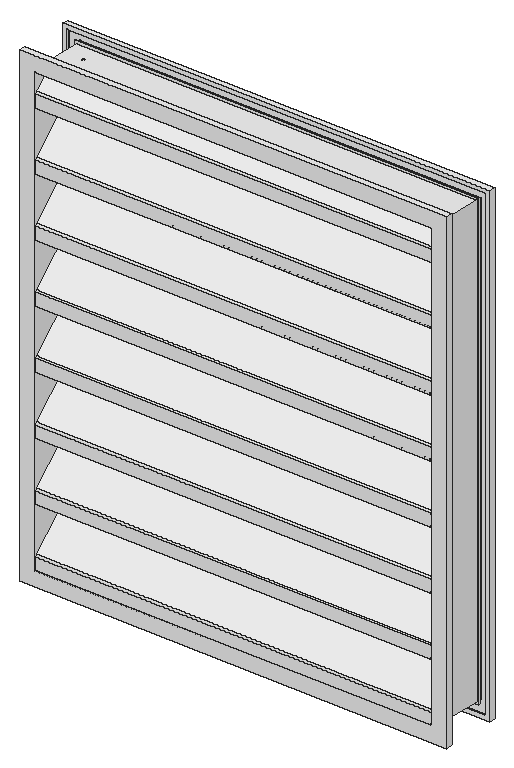
Revit family
Parameters (values of type "OHL-C-102")
  URL = "http://www.productspec.net/products/18505/holyoake-industries-ltd/large-blade-outside-horizontal-louvers-ohl-102.aspx"
  Type Comments = "102mm Horizontal Curved Profile Louvers in Channel Surround"
  Technical Data = "http://www.collate.co.nz/nas/TechnicalFiles/2367/p18505/F1-F2%20OHL102%20124.pdf"
  Ownership = "Holyoake Industries Limited"
  Overall Opening = Exact Neck Height - 50.80 mm  # 769.20 mm
  Overall Depth = 38.30 mm
  Nominal Width = 741.00 mm
  Nominal Height = 826.00 mm
  Model = "OHL-C-102"
  Manufacturer = "Holyoake Industries Limited"
  Keynote = ""
  Channel Width = 25.40 mm
  Channel Thickness = 103.20 mm
  Exact Neck Width = Nominal Width - 6.00 mm  # 735.00 mm
  Exact Neck Height = Nominal Height - 6.00 mm  # 820.00 mm
  Description = "Holyoake Outside Horizontal Louvre"
  Created By = "Productspec Limited"
  Frame & Blades = Aluminium
  Top Blade Height = Overall Opening - Blade Cut Setout  # 55.20 mm
  Connector Width = Exact Neck Width - 74.80 mm  # 660.20 mm
  Connector Height = Exact Neck Height - 74.80 mm  # 745.20 mm
  Blade Width = 101.40 mm
  Blade Pitch = 102.00 mm
  Blade Offset = (Channel Thickness - Blade Width) / 2  # 0.90 mm
  Blade Length = Exact Neck Width - 50.80 mm  # 684.20 mm
  Blade Height = 134.90 mm
  Blade Cut Setout = Blade Count * Blade Pitch  # 714.00 mm
  Blade Count = Blade Array Count - 1  # 7
  Blade Array Count = Overall Opening / Blade Pitch  # 7.5412
  Author = "Zinder Zhao"
  Assembly Code = ""
  Accessories = "Aluminium Bird mesh or insect mesh (fibreglass)"
Reference planes
  plane 1 "Centre": y = 0
  plane 2: z = 25.4
  plane 3 "Center (Left/Right)": x = -20.2
  plane 4 "Overall Opening": z = 794.6
  plane 5: y = 103.2
  plane 6: z = 127.4
  plane 7: x = -390.7
  plane 8: x = 347.3
  plane 9: x = 350.3
  plane 10: x = -387.7
  plane 11: z = 820
  plane 12: z = 823
  plane 13: z = 410
  plane 14: z = 160.3
  plane 15 "Cut Blade Setout": z = 739.4
  plane 16 "Blade Offset": y = 0.9
  plane 17: z = 0
  plane 18: y = 102.3
  plane 19: z = -3
  plane 20: z = 782.6
  plane 21: z = 37.4
  plane 22: x = -350.3
  plane 23: x = 309.9
  plane 24: x = -362.3
  plane 25: x = 321.9
Forms (mm)
  Sweep 1, solid, material "Aluminium" <- "Frame & Blades", detail levels fine
    path origin (0, 0, 0) x (1, 0, 0) y (0, 0, 1)
      loop
        line (321.9, 25.4) -> (321.9, 794.6) -> (-362.3, 794.6) -> (-362.3, 25.4) -> (321.9, 25.4)
    profile "Holyoake_OutsideLouvre_OHL-102_Channel_profile : OHL-102 Channel Profile" origin (321.9, 0, 410) x (-1, 0, 0) y (0, -1, 0)
      loop
        line (12, -103.2) -> (12, -101.6) -> (0, -101.6) -> (0, 0) -> (-25.4, 0) -> (-25.4, -10.6) -> (-18.8, -10.6) -> (-18.8, -7.5) -> (-22.2, -7.5) -> (-22.2, -1.9) -> (-3.2, -1.9) -> (-3.2, -7.5) -> (-6.1, -7.5) -> (-6.1, -10.6) -> (-2.3, -10.6) -> (-2.3, -92.9) -> (-6.1, -92.9) -> (-6.1, -95.7) -> (-3.2, -95.7) -> (-3.2, -101.3) -> (-22.2, -101.3) -> (-22.2, -95.7) -> (-18.8, -95.7) -> (-18.8, -92.9) -> (-25.4, -92.9) -> (-25.4, -103.2) -> (12, -103.2)
  Extrusion 2, solid, material "Aluminium" <- "Frame & Blades", detail levels coarse+medium
    sketch origin (0, 0, 0) x (1, 0, 0) y (0, 1, 0)
      loop
        line (-387.7, 103.2) -> (-387.7, 0) -> (347.3, 0) -> (347.3, 103.2) -> (-387.7, 103.2)
    from 0 to 820
Dimensions and locks
  "Overall Opening": plane 4 "Overall Opening" to plane 2
  equal spacing: group 1, group 2, group 3, group 4, group 5, group 6, group 7  (x3)
  "Blade Pitch": plane 6 to plane 2
  "Blade Cut Setout": plane 15 "Cut Blade Setout" to plane 2
  "Blade Height": plane 14 to plane 2
  locked: plane 7 to plane 10 at 3
  locked: plane 12 to plane 11 at 3
  equal spacing: plane 10, plane 3 "Center (Left/Right)", plane 8
  "Exact Neck Width": plane 10 to plane 8
  "Nominal Width": plane 7 to plane 9
  "Blade Length": plane 24 to plane 25
  "Channel Thickness": plane 5 to plane 1 "Centre"
  equal spacing: plane 11, plane 13, plane 17
  "Exact Neck Height": plane 11 to plane 17
  "Nominal Height": plane 12 to plane 19
  "Blade Width": plane 18 to plane 16 "Blade Offset"
  "Channel Width": plane 10 to plane 24
  "Channel Width": plane 11 to plane 4 "Overall Opening"
  "Connector Height": plane 21 to plane 20
  "Connector Width": plane 22 to plane 23
  "Blade Offset": plane 16 "Blade Offset" to plane 1 "Centre"
  locked: plane 24 to plane 22 at 12
  locked: plane 4 "Overall Opening" to plane 20 at 12
  aligned and locked: plane 4 "Overall Opening" to Sweep 1 sketch curve
  aligned and locked: Sweep 1 sketch curve to plane 2
  aligned and locked: Sweep 1 to plane 4 "Overall Opening"
  aligned and locked: nested 1 to plane 2  (x2)
  aligned and locked: nested 2 to plane 6  (x2)
  aligned and locked: plane 14 to nested 1  (x2)
  aligned and locked: plane 18 to nested 1  (x2)
  aligned and locked: plane 18 to nested 2
  aligned and locked: plane 2 to Sweep 1
  aligned and locked: nested 1 to plane 18
  aligned and locked: nested 3 to plane 15 "Cut Blade Setout"  (x2)
  aligned and locked: plane 4 "Overall Opening" to nested 3
  aligned and locked: Sweep 1 to plane 2  (x2)
  aligned and locked: Sweep 1 to plane 20
  aligned and locked: plane 21 to Sweep 1  (x3)
  aligned and locked: plane 10 to Sweep 1
  aligned and locked: plane 8 to Sweep 1
  aligned and locked: plane 5 to Sweep 1
  aligned and locked: plane 25 to Sweep 1
  aligned and locked: plane 24 to Sweep 1
  aligned and locked: plane 11 to Sweep 1
  aligned and locked: plane 17 to Sweep 1
  aligned and locked: nested 1 to plane 16 "Blade Offset"
  aligned and locked: nested 2 to plane 16 "Blade Offset"
  aligned and locked: nested 4 to plane 16 "Blade Offset"
  aligned and locked: plane 16 "Blade Offset" to nested 3
  aligned and locked: plane 18 to nested 4
  aligned and locked: plane 20 to Sweep 1  (x3)
  aligned and locked: nested 3 to plane 24
  aligned and locked: nested 3 to plane 25
  aligned and locked: Sweep 1 sketch curve to plane 24
  aligned and locked: Sweep 1 sketch curve to plane 25
  aligned and locked: Sweep 1 to plane 21
  aligned and locked: plane 22 to Sweep 1
  aligned and locked: plane 23 to Sweep 1
  aligned and locked: Sweep 1 to plane 23
  aligned and locked: Extrusion 2 sketch curve to Sweep 1  (x3)
  aligned and locked: Sweep 1 to Extrusion 2 sketch curve
  aligned and locked: Extrusion 2 to plane 17
  aligned and locked: plane 11 to Extrusion 2
Nested families
  nested 1: "Holyoake_OutsideLouvre_OHL-102_Blade" at (-20.2, 0.9, 25.4), type "Holyoake_OutsideLouvre_OHL-102_Blade"
  nested 2: "Holyoake_OutsideLouvre_OHL-102_Blade" at (-20.2, 0.9, 127.4), type "Holyoake_OutsideLouvre_OHL-102_Blade"
  nested 3: "Holyoake_OutsideLouvre_OHL-102_BladeCutted" at (-20.2, 0.9, 739.4), type "Holyoake_OutsideLouvre_OHL-102_BladeCutted"
    with Blade Cut Setout 55.20 mm
  nested 4: "Holyoake_OutsideLouvre_OHL-102_Blade" at (-20.2, 0.9, 229.4), type "Holyoake_OutsideLouvre_OHL-102_Blade"
  nested 5: "Holyoake_OutsideLouvre_OHL-102_Blade" at (-20.2, 0.9, 331.4), type "Holyoake_OutsideLouvre_OHL-102_Blade"
  nested 6: "Holyoake_OutsideLouvre_OHL-102_Blade" at (-20.2, 0.9, 433.4), type "Holyoake_OutsideLouvre_OHL-102_Blade"
  nested 7: "Holyoake_OutsideLouvre_OHL-102_Blade" at (-20.2, 0.9, 535.4), type "Holyoake_OutsideLouvre_OHL-102_Blade"
  nested 8: "Holyoake_OutsideLouvre_OHL-102_Blade" at (-20.2, 0.9, 637.4), type "Holyoake_OutsideLouvre_OHL-102_Blade"
Connectors
  hvac at (-20.2, 103.2, 410), driven by "Connector Height", driven by "Connector Width"
    settings: on Sweep 1, index 1
Definition of nested family "Holyoake_OutsideLouvre_OHL-102_Blade"
  Parameters (values of type "Holyoake_OutsideLouvre_OHL-102_Blade")
    Width = 101.40 mm
    URL = "http://www.holyoake.co.nz/407.0.html"
    Type Comments = "Outside Louvre Blade"
    Ownership = "Holyoake Industries Ltd"
    Model = "OHL-102 Blade"
    Manufacturer = "Holyoake Industries Ltd"
    Length = 684.20 mm
    Height = 134.90 mm
    Created By = "Productspec Ltd"
    Blade = Aluminium
    Author = "Zinder Zhao"
    Assembly Code = ""
  Reference planes
    plane 1 "Center (Front/Back)": y = 0
    plane 2: z = 0
    plane 3 "Center (Left/Right)": x = 0
    plane 4: x = -342.1
    plane 5: x = 342.1
    plane 6: z = 134.9
    plane 7: y = 101.4
  Forms (mm)
    Sweep 1, solid, material "Aluminium" <- "Blade", detail levels fine
      path origin (0, 0, 0) x (1, 0, 0) y (0, 1, 0)
        loop
          line (-342.1, 0) -> (342.1, 0)
      profile "Holyoake_OutsideLouvre_OHL-102_Blade_profile : OHL-102 Blade Profile" origin (0, 0, 0) x (0, 1, 0) y (0, 0, 1)
        loop
          arc (3.972, 1.479) -> (4.111, 2.267) -> (3.498, 2.781) r 0.8
          line (3.498, 2.781) -> (2.071, 2.116)
          arc (2.071, 2.116) -> (1.586, 2.28) -> (1.3, 2.704) r 0.8
          line (1.3, 2.704) -> (1.3, 20.828)
          arc (1.3, 20.828) -> (1.61, 22.352) -> (2.491, 23.634) r 3.9
          line (2.491, 23.634) -> (70.385, 89.198)
          arc (70.385, 89.198) -> (71.887, 92.732) -> (71.132, 96.497) r 6.5
          line (71.132, 96.497) -> (68.665, 99.998)
          arc (68.665, 99.998) -> (68.163, 102.307) -> (69.469, 104.276) r 3.036
          line (69.469, 104.276) -> (88.354, 117.469) -> (88.354, 119.37)
          arc (88.354, 119.37) -> (88.595, 119.868) -> (89.098, 120.1) r 0.821
          line (89.098, 120.1) -> (94.898, 120.1) -> (94.898, 122.09) -> (100.723, 122.09)
          arc (100.723, 122.09) -> (101.182, 122.329) -> (101.4, 122.798) r 0.8
          line (101.4, 122.798) -> (101.4, 134.9) -> (100.6, 134.9) -> (97.428, 133.421)
          arc (97.428, 133.421) -> (97.289, 132.633) -> (97.902, 132.119) r 0.8
          line (97.902, 132.119) -> (99.329, 132.784)
          arc (99.329, 132.784) -> (99.813, 132.62) -> (100.1, 132.196) r 0.8
          line (100.1, 132.196) -> (100.1, 124.103)
          arc (100.1, 124.103) -> (99.87, 123.62) -> (99.387, 123.39) r 0.8
          line (99.387, 123.39) -> (93.598, 123.39) -> (93.598, 121.4) -> (87.811, 121.4)
          arc (87.811, 121.4) -> (87.321, 121.147) -> (87.101, 120.641) r 0.821
          line (87.101, 120.641) -> (87.101, 118.177) -> (68.933, 105.453)
          arc (68.933, 105.453) -> (66.907, 102.649) -> (67.597, 99.258) r 4.309
          line (67.597, 99.258) -> (70.023, 95.815)
          arc (70.023, 95.815) -> (70.595, 92.874) -> (69.449, 90.106) r 5.2
          line (69.449, 90.106) -> (1.588, 24.573)
          arc (1.588, 24.573) -> (0.413, 22.865) -> (0, 20.833) r 5.2
          line (0, 20.833) -> (0, 0) -> (0.8, 0) -> (3.972, 1.479)
  Dimensions and locks
    equal spacing: plane 4, plane 3 "Center (Left/Right)", plane 5
    "Length": plane 4 to plane 5
    "Height": plane 2 to plane 6
    "Width": plane 7 to plane 1 "Center (Front/Back)"
    aligned and locked: plane 1 "Center (Front/Back)" to Sweep 1 sketch curve
    aligned and locked: level to plane 2
    aligned and locked: plane 4 to Sweep 1
    aligned and locked: plane 5 to Sweep 1
    aligned and locked: Sweep 1 to plane 2
    aligned and locked: Sweep 1 to plane 6
    aligned and locked: plane 1 "Center (Front/Back)" to Sweep 1
  Automatic sketch dimensions
    Sweep 1 sketch curve to plane 4 = 0.00 mm
    Sweep 1 sketch curve to plane 5 = 0.00 mm
Definition of nested family "Holyoake_OutsideLouvre_OHL-102_BladeCutted"
  Parameters (values of type "Holyoake_OutsideLouvre_OHL-102_BladeCutted")
    Width = 101.40 mm
    URL = "http://www.holyoake.co.nz/407.0.html"
    Type Comments = "Outside Louvre Blade"
    Ownership = "Holyoake Industries Ltd"
    Model = "OHL-102 Blade"
    Manufacturer = "Holyoake Industries Ltd"
    Length = 684.20 mm
    Height = 134.90 mm
    Created By = "Productspec Ltd"
    Blade Cut Setout = 137.20 mm
    Blade = Aluminium
    Author = "Zinder Zhao"
    Assembly Code = ""
  Reference planes
    plane 1 "Center (Front/Back)": y = 0
    plane 2: z = 0
    plane 3 "Center (Left/Right)": x = 0
    plane 4 "Left": x = -342.1
    plane 5 "Right": x = 342.1
    plane 6 "Top": z = 134.9
    plane 7: y = 101.4
    plane 8: z = 137.2
  Forms (mm)
    Sweep 1, solid, material "Aluminium" <- "Blade", detail levels fine
      path origin (0, 0, 0) x (1, 0, 0) y (0, 1, 0)
        loop
          line (-342.1, 0) -> (342.1, 0)
      profile "Holyoake_OutsideLouvre_OHL-102_Blade_profile : OHL-102 Blade Profile" origin (0, 0, 0) x (0, 1, 0) y (0, 0, 1)
        loop
          arc (3.972, 1.479) -> (4.111, 2.267) -> (3.498, 2.781) r 0.8
          line (3.498, 2.781) -> (2.071, 2.116)
          arc (2.071, 2.116) -> (1.586, 2.28) -> (1.3, 2.704) r 0.8
          line (1.3, 2.704) -> (1.3, 20.828)
          arc (1.3, 20.828) -> (1.61, 22.352) -> (2.491, 23.634) r 3.9
          line (2.491, 23.634) -> (70.385, 89.198)
          arc (70.385, 89.198) -> (71.887, 92.732) -> (71.132, 96.497) r 6.5
          line (71.132, 96.497) -> (68.665, 99.998)
          arc (68.665, 99.998) -> (68.163, 102.307) -> (69.469, 104.276) r 3.036
          line (69.469, 104.276) -> (88.354, 117.469) -> (88.354, 119.37)
          arc (88.354, 119.37) -> (88.595, 119.868) -> (89.098, 120.1) r 0.821
          line (89.098, 120.1) -> (94.898, 120.1) -> (94.898, 122.09) -> (100.723, 122.09)
          arc (100.723, 122.09) -> (101.182, 122.329) -> (101.4, 122.798) r 0.8
          line (101.4, 122.798) -> (101.4, 134.9) -> (100.6, 134.9) -> (97.428, 133.421)
          arc (97.428, 133.421) -> (97.289, 132.633) -> (97.902, 132.119) r 0.8
          line (97.902, 132.119) -> (99.329, 132.784)
          arc (99.329, 132.784) -> (99.813, 132.62) -> (100.1, 132.196) r 0.8
          line (100.1, 132.196) -> (100.1, 124.103)
          arc (100.1, 124.103) -> (99.87, 123.62) -> (99.387, 123.39) r 0.8
          line (99.387, 123.39) -> (93.598, 123.39) -> (93.598, 121.4) -> (87.811, 121.4)
          arc (87.811, 121.4) -> (87.321, 121.147) -> (87.101, 120.641) r 0.821
          line (87.101, 120.641) -> (87.101, 118.177) -> (68.933, 105.453)
          arc (68.933, 105.453) -> (66.907, 102.649) -> (67.597, 99.258) r 4.309
          line (67.597, 99.258) -> (70.023, 95.815)
          arc (70.023, 95.815) -> (70.595, 92.874) -> (69.449, 90.106) r 5.2
          line (69.449, 90.106) -> (1.588, 24.573)
          arc (1.588, 24.573) -> (0.413, 22.865) -> (0, 20.833) r 5.2
          line (0, 20.833) -> (0, 0) -> (0.8, 0) -> (3.972, 1.479)
    Extrusion 2, void
      sketch origin (0, 0, 0) x (1, 0, 0) y (0, 0, 1)
        loop
          line (-342.1, 250) -> (-342.1, 137.2) -> (342.1, 137.2) -> (342.1, 250) -> (-342.1, 250)
      from -101.4 to 0
  Cuts and joins
    Extrusion 2 cuts Sweep 1
  Dimensions and locks
    equal spacing: plane 4 "Left", plane 3 "Center (Left/Right)", plane 5 "Right"
    "Length": plane 4 "Left" to plane 5 "Right"
    "Height": plane 2 to plane 6 "Top"
    "Width": plane 7 to plane 1 "Center (Front/Back)"
    "Blade Cut Setout": plane 8 to plane 2
    aligned and locked: plane 1 "Center (Front/Back)" to Sweep 1 sketch curve
    aligned and locked: level to plane 2
    aligned and locked: plane 4 "Left" to Sweep 1
    aligned and locked: plane 5 "Right" to Sweep 1
    aligned and locked: Extrusion 2 to plane 4 "Left"
    aligned and locked: plane 5 "Right" to Extrusion 2
    aligned and locked: plane 1 "Center (Front/Back)" to Extrusion 2
    aligned and locked: Extrusion 2 to plane 8
    aligned and locked: Extrusion 2 to Sweep 1
  Automatic sketch dimensions
    Sweep 1 sketch curve to plane 4 "Left" = 0.00 mm
    Sweep 1 sketch curve to plane 5 "Right" = 0.00 mm
    Extrusion 2 sketch curve to plane 6 "Top" = 2.30 mm
    plane 4 "Left" to Extrusion 2 sketch curve = 0.00 mm
    plane 3 "Center (Left/Right)" to Extrusion 2 sketch curve = 342.10 mm
    Extrusion 2 sketch curve to plane 6 "Top" = 115.10 mm
